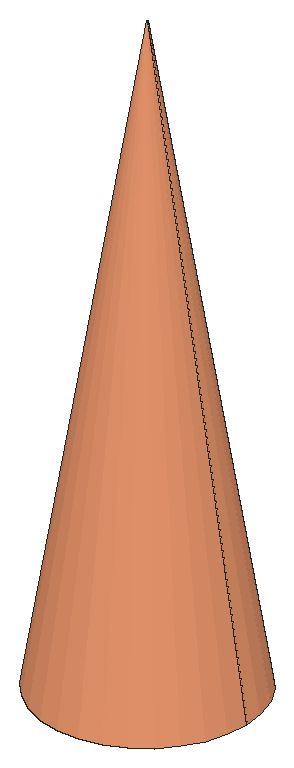
Revit family "Fall Mark", category Generic Models, Revit 2021
Family settings
  Can host rebar = No
  Round Connector Dimension = Use Diameter
  Part Type = Normal
  Work Plane-Based = No
  Always vertical = Yes
  Cut with Voids When Loaded = No
  Shared = No
  Room Calculation Point = No
Parameters
  Width [instance] = 200 mm
  Lenght Side Triangle [instance] = sqrt(Lenght ^ 2 + (Width / 2) ^ 2)  # 608.276 mm
  Lenght [instance] = 600 mm
  Lenght Base Triangle [instance] = Width  # 200 mm
  Height [instance] = 600 mm
  Default Elevation = 0 mm
Reference planes
  plane 1 "Center (Front/Back)": y = 0
  plane 2: z = 0
  plane 3 "Center (Left/Right)": x = 0
Forms (mm)
  Revolve 1, solid, material "Mark Material"
    sketch origin (0, 0, 0) x (1, 0, 0) y (0, 0, 1)
      loop
        line (0, 600) -> (-100, 0) -> (0, 0) -> (0, 600)
      axis (0, 600) -> (0, 0)
    angle from 0 to 360
Lines and regions (mm)
  reference lines
    curve 1: line (-247.176, 600, 0) -> (210, 600, 0)
    curve 2: line (-100, 695.407, 0) -> (-100, -106.482, 0)
    curve 3: line (100, 695.407, 0) -> (100, -106.482, 0)
    curve 4: line (-354.461, 0, 600) -> (300.539, 0, 600)
Dimensions and locks
  equal spacing: curve 2, plane 3 "Center (Left/Right)", curve 3
  "Lenght": plane 1 "Center (Front/Back)" to curve 1
  "Width": curve 2 to curve 3
  "Height": curve 4 to level
  aligned and locked: level to plane 2
Automatic sketch dimensions
  curve 4 to plane 3 "Center (Left/Right)" = 354.461 mm
  plane 3 "Center (Left/Right)" to curve 4 = 300.539 mm
  curve 1 to curve 2 = 147.176 mm
  curve 3 to curve 1 = 110 mm
  plane 1 "Center (Front/Back)" to curve 2 = 106.482 mm
  plane 1 "Center (Front/Back)" to curve 3 = 106.482 mm
  curve 1 to curve 3 = 95.407 mm
  curve 1 to curve 2 = 95.407 mm
  Revolve 1 sketch curve to level = 0 mm
  Revolve 1 sketch curve to plane 3 "Center (Left/Right)" = 0 mm  (x2)
  Revolve 1 sketch curve to plane 3 "Center (Left/Right)" = 100 mm
  level to Revolve 1 sketch curve = 600 mm
  Revolve 1 sketch curve to level = 366.045 mm
  Revolve 1 sketch curve to Revolve 1 sketch curve = 1614.315 mm
Nested families
  nested 1: "Triangle Mark" at (0, -240, 0), type "Triangle Mark"
    with width 200 mm, Length 600 mm
Definition of nested family "Triangle Mark"
  Parameters (values of type "Triangle Mark")
    width [instance] = 200 mm
    Length [instance] = 600 mm
  Reference planes
    plane 1 "Center (Front/Back)": y = 0
    plane 2: z = 0
    plane 3 "Center (Left/Right)": x = 0
  Lines and regions (mm)
    Filled region 1, type "Brick", in view "Ref. Level"
      outline origin (0, 0, 0) x (1, 0, 0) y (0, 1, 0)
        loop
          line (-100, 0) -> (100, 0) -> (0, 600) -> (-100, 0)
    reference lines, in view "Ref. Level"
      curve 1: line (-100, 600, 0) -> (100, 600, 0)
      curve 2: line (100, 600, 0) -> (100, 0, 0)
      curve 3: line (100, 0, 0) -> (-100, 0, 0)
      curve 4: line (-100, 0, 0) -> (-100, 600, 0)
  Dimensions and locks
    equal spacing: curve 4, plane 3 "Center (Left/Right)", curve 2
    "width": curve 4 to curve 2
    "Length": curve 3 to curve 1
  Automatic sketch dimensions
    plane 1 "Center (Front/Back)" to Filled region 1 sketch curve = 0 mm
    Filled region 1 sketch curve to plane 3 "Center (Left/Right)" = 0 mm
    Filled region 1 sketch curve to plane 1 "Center (Front/Back)" = 600 mm
    Filled region 1 sketch curve to plane 3 "Center (Left/Right)" = 100 mm
    plane 3 "Center (Left/Right)" to Filled region 1 sketch curve = 100 mm
    plane 1 "Center (Front/Back)" to curve 3 = 0 mm
